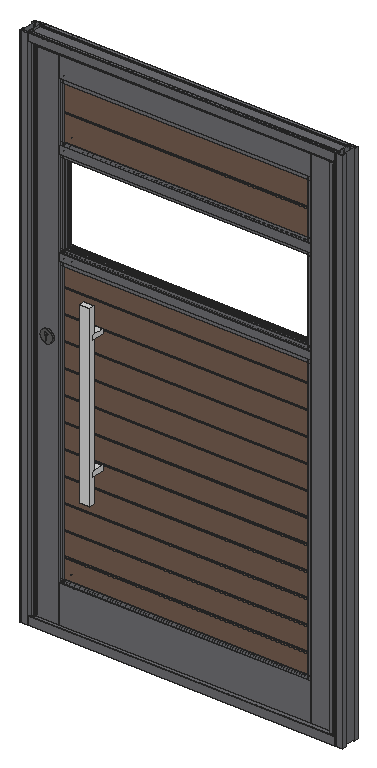
Revit family "Y1321P Y1 CH K RH", category Doors, host Wall, Revit 2024
Family settings
  Host = Wall
  OmniClass Number = 23.30.10.00
  OmniClass Title = Doors
  Always vertical = Yes
  Cut with Voids When Loaded = No
  Shared = No
  Room Calculation Point = No
Parameters
  Function = Interior
  Frame Projection Ext. = 25 mm
  Frame Projection Int. = 25 mm
  Frame Width = 75 mm
  Height = 2120 mm
  Wall Closure = By host
  Width = 1290 mm
  Analytic Construction = "<None>"
Reference planes
  plane 1: y = 0
  plane 2 "Center (Left/Right)": x = 0
  plane 3 "Left": x = -645
  plane 4 "Right": x = 645
  plane 5: z = 2120
  plane 6 "Exterior": y = 75
  plane 7 "Interior": y = -75
Forms (mm)
  Sweep 1, solid, material "ALUMINIUM CHAR (TEST)"
    path origin (0, 75, 0) x (1, 0, 0) y (0, 0, 1)
      loop
        line (-601.2, 30) -> (-601.2, 2075) -> (600, 2075) -> (600, 30)
    profile origin (-0.6, 75, 2075) x (0, 0, 1) y (0, -1, 0)
      loop
        line (15, 55) -> (2.8, 55) -> (2.8, 61.5) -> (0.5, 61.5) -> (0.5, 88.5) -> (2.8, 88.5) -> (2.8, 95) -> (15, 95) -> (15, 97) -> (-0.5, 97)
        arc (-0.5, 97) -> (-1.207, 96.707) -> (-1.5, 96) r 1
        line (-1.5, 96) -> (-1.5, 93.9) -> (-0.5, 93.9) -> (-0.5, 95) -> (1, 95) -> (1, 90.5) -> (-0.5, 90.5) -> (-0.5, 91.631) -> (-1.5, 91.631) -> (-1.5, 58.369) -> (-0.5, 58.369) -> (-0.5, 59.5) -> (1, 59.5) -> (1, 55) -> (-0.5, 55) -> (-0.5, 56.1) -> (-1.5, 56.1) -> (-1.5, 54)
        arc (-1.5, 54) -> (-1.207, 53.293) -> (-0.5, 53) r 1
        line (-0.5, 53) -> (15, 53) -> (15, 55)
  Extrusion 2, solid, material "ALUMINIUM CHAR (TEST)"
    sketch origin (0, 0, 0) x (0, 1, 0) y (0, 0, 1)
      loop
        line (37.5, 2120) -> (22, 2120) -> (22, 2118.5) -> (24.5, 2118.5) -> (24.5, 2115.5) -> (-24.5, 2115.5) -> (-24.5, 2118.5) -> (-22, 2118.5) -> (-22, 2120) -> (-37.5, 2120) -> (-37.5, 2090) -> (-4.189, 2090) -> (7.651, 2090) -> (37.5, 2090) -> (37.5, 2120)
      loop
        line (32.168, 2118.2) -> (30.896, 2116.928) -> (29.5, 2118.324) -> (28, 2116.824) -> (26.3, 2118.524) -> (26.3, 2115.8)
        arc (26.3, 2115.8) -> (25.685, 2114.315) -> (24.2, 2113.7) r 2.1
        line (24.2, 2113.7) -> (-24.2, 2113.7)
        arc (-24.2, 2113.7) -> (-25.685, 2114.315) -> (-26.3, 2115.8) r 2.1
        line (-26.3, 2115.8) -> (-26.3, 2118.524) -> (-28, 2116.824) -> (-29.5, 2118.324) -> (-30.896, 2116.928) -> (-32.168, 2118.2) -> (-35.6, 2118.2) -> (-35.6, 2091.8) -> (-32.168, 2091.8) -> (-30.896, 2093.072) -> (-29.5, 2091.676) -> (-28, 2093.176) -> (-26.624, 2091.8) -> (-19.438, 2091.8) -> (26.624, 2091.8) -> (28, 2093.176) -> (29.5, 2091.676) -> (30.896, 2093.072) -> (32.168, 2091.8) -> (35.6, 2091.8) -> (35.6, 2118.2) -> (32.168, 2118.2)
      loop
        line (37.5, 0) -> (37.5, 30) -> (7.651, 30) -> (-4.189, 30) -> (-37.5, 30) -> (-37.5, 0) -> (-22, 0) -> (-22, 1.5) -> (-24.5, 1.5) -> (-24.5, 4.5) -> (24.5, 4.5) -> (24.5, 1.5) -> (22, 1.5) -> (22, 0) -> (37.5, 0)
      loop
        line (32.168, 1.8) -> (35.6, 1.8) -> (35.6, 28.2) -> (32.168, 28.2) -> (30.896, 26.928) -> (29.5, 28.324) -> (28, 26.824) -> (26.624, 28.2) -> (-19.438, 28.2) -> (-26.624, 28.2) -> (-28, 26.824) -> (-29.5, 28.324) -> (-30.896, 26.928) -> (-32.168, 28.2) -> (-35.6, 28.2) -> (-35.6, 1.8) -> (-32.168, 1.8) -> (-30.896, 3.072) -> (-29.5, 1.676) -> (-28, 3.176) -> (-26.3, 1.476) -> (-26.3, 4.2)
        arc (-26.3, 4.2) -> (-25.685, 5.685) -> (-24.2, 6.3) r 2.1
        line (-24.2, 6.3) -> (24.2, 6.3)
        arc (24.2, 6.3) -> (25.685, 5.685) -> (26.3, 4.2) r 2.1
        line (26.3, 4.2) -> (26.3, 1.476) -> (28, 3.176) -> (29.5, 1.676) -> (30.896, 3.072) -> (32.168, 1.8)
    from -615 to 615
  Extrusion 3, solid, material "ALUMINIUM CHAR (TEST)"
    sketch origin (0, 0, 30) x (1, 0, 0) y (0, 1, 0)
      loop
        arc (598.5, 21) -> (597.5, 22) -> (596.5, 21) r 1
        line (596.5, 21) -> (596.5, -21.179)
        arc (596.5, -21.179) -> (596.26, -21.76) -> (595.679, -22) r 0.821
        line (595.679, -22) -> (584.5, -22)
        arc (584.5, -22) -> (583.5, -23) -> (584.5, -24) r 1
        line (584.5, -24) -> (597.679, -24)
        arc (597.679, -24) -> (598.26, -23.76) -> (598.5, -23.179) r 0.821
        line (598.5, -23.179) -> (598.5, 21)
      loop
        arc (-599.7, -21) -> (-598.7, -22) -> (-597.7, -21) r 1
        line (-597.7, -21) -> (-597.7, 21.179)
        arc (-597.7, 21.179) -> (-597.459, 21.76) -> (-596.879, 22) r 0.821
        line (-596.879, 22) -> (-585.7, 22)
        arc (-585.7, 22) -> (-584.7, 23) -> (-585.7, 24) r 1
        line (-585.7, 24) -> (-598.879, 24)
        arc (-598.879, 24) -> (-599.459, 23.76) -> (-599.7, 23.179) r 0.821
        line (-599.7, 23.179) -> (-599.7, -21)
    from 0 to 2043.5
  Extrusion 4, solid, material "ALUMINIUM CHAR (TEST)"
    sketch origin (0, 0, 0) x (1, 0, 0) y (0, 1, 0)
      loop
        line (-645, 37.5) -> (-645, 22) -> (-643.5, 22) -> (-643.5, 24.5) -> (-640.5, 24.5) -> (-640.5, -24.5) -> (-643.5, -24.5) -> (-643.5, -22) -> (-645, -22) -> (-645, -37.5) -> (-615, -37.5) -> (-615, -17) -> (-615.993, -17) -> (-616.394, -18.496) -> (-617.6, -18.496) -> (-617.6, -0.254) -> (-616.306, -0.254) -> (-616.066, -3) -> (-615, -3) -> (-615, 37.5) -> (-645, 37.5)
      loop
        line (-616.8, 26.624) -> (-618.176, 28) -> (-616.676, 29.5) -> (-618.072, 30.896) -> (-616.8, 32.168) -> (-616.8, 35.6) -> (-643.2, 35.6) -> (-643.2, 32.168) -> (-641.928, 30.896) -> (-643.324, 29.5) -> (-641.824, 28) -> (-643.524, 26.3) -> (-640.8, 26.3)
        arc (-640.8, 26.3) -> (-639.315, 25.685) -> (-638.7, 24.2) r 2.1
        line (-638.7, 24.2) -> (-638.7, -24.2)
        arc (-638.7, -24.2) -> (-639.315, -25.685) -> (-640.8, -26.3) r 2.1
        line (-640.8, -26.3) -> (-643.524, -26.3) -> (-641.824, -28) -> (-643.324, -29.5) -> (-641.928, -30.896) -> (-643.2, -32.168) -> (-643.2, -35.6) -> (-616.8, -35.6) -> (-616.8, -32.168) -> (-618.072, -30.896) -> (-616.676, -29.5) -> (-618.176, -28) -> (-616.8, -26.624) -> (-616.8, -20.239)
        arc (-616.8, -20.239) -> (-618.596, -19.852) -> (-619.4, -18.2) r 2.1
        line (-619.4, -18.2) -> (-619.4, -0.55)
        arc (-619.4, -0.55) -> (-618.596, 1.102) -> (-616.8, 1.49) r 2.1
        line (-616.8, 1.49) -> (-616.8, 26.624)
      loop
        line (645, 37.5) -> (615, 37.5) -> (615, -3) -> (616.066, -3) -> (616.306, -0.254) -> (617.6, -0.254) -> (617.6, -18.496) -> (616.394, -18.496) -> (615.993, -17) -> (615, -17) -> (615, -37.5) -> (645, -37.5) -> (645, -22) -> (643.5, -22) -> (643.5, -24.5) -> (640.5, -24.5) -> (640.5, 24.5) -> (643.5, 24.5) -> (643.5, 22) -> (645, 22) -> (645, 37.5)
      loop
        line (616.8, 26.624) -> (616.8, 1.49)
        arc (616.8, 1.49) -> (618.596, 1.102) -> (619.4, -0.55) r 2.1
        line (619.4, -0.55) -> (619.4, -18.2)
        arc (619.4, -18.2) -> (618.596, -19.852) -> (616.8, -20.239) r 2.1
        line (616.8, -20.239) -> (616.8, -26.624) -> (618.176, -28) -> (616.676, -29.5) -> (618.072, -30.896) -> (616.8, -32.168) -> (616.8, -35.6) -> (643.2, -35.6) -> (643.2, -32.168) -> (641.928, -30.896) -> (643.324, -29.5) -> (641.824, -28) -> (643.524, -26.3) -> (640.8, -26.3)
        arc (640.8, -26.3) -> (639.315, -25.685) -> (638.7, -24.2) r 2.1
        line (638.7, -24.2) -> (638.7, 24.2)
        arc (638.7, 24.2) -> (639.315, 25.685) -> (640.8, 26.3) r 2.1
        line (640.8, 26.3) -> (643.524, 26.3) -> (641.824, 28) -> (643.324, 29.5) -> (641.928, 30.896) -> (643.2, 32.168) -> (643.2, 35.6) -> (616.8, 35.6) -> (616.8, 32.168) -> (618.072, 30.896) -> (616.676, 29.5) -> (618.176, 28) -> (616.8, 26.624)
    from 0 to 2120
  Extrusion 5, solid, material "ALUMINIUM CHAR (TEST)"
    sketch origin (0, 0, -6.5) x (0, 1, 0) y (0, 0, -1)
      loop
        line (20.25, -77.453) -> (19.7, -76.5) -> (19.7, -73.5) -> (20.25, -72.547) -> (20.25, -61.8) -> (-20.25, -61.8) -> (-20.25, -72.547) -> (-19.7, -73.5) -> (-19.7, -76.5) -> (-20.25, -77.453) -> (-20.25, -172.747) -> (-19.7, -173.7) -> (-19.7, -176.7) -> (-20.25, -177.653) -> (-20.25, -188.2) -> (-6.55, -188.2) -> (-6.55, -185.6) -> (15.3, -185.6) -> (15.3, -188.2) -> (20.25, -188.2) -> (20.25, -177.653) -> (19.7, -176.7) -> (19.7, -173.7) -> (20.25, -172.747) -> (20.25, -77.453)
      loop
        line (19.7, -60) -> (-19.7, -60) -> (-19.7, -57) -> (-20.25, -56.047) -> (-20.25, -43.6) -> (-17.1, -43.6) -> (-17.1, -42) -> (-20.2, -42) -> (-20.2, -40) -> (-22, -40) -> (-22, -190) -> (-17, -190) -> (-17, -205) -> (-14, -205) -> (-14, -203.8) -> (-15.6, -203.8) -> (-15.6, -201.3) -> (-15.2, -200.607) -> (-15.2, -190) -> (-2, -190) -> (-2, -188.934) -> (-4.75, -188.693) -> (-4.75, -187.4) -> (13.5, -187.4) -> (13.5, -188.605) -> (12, -189.007) -> (12, -190) -> (22, -190) -> (22, -40) -> (20.2, -40) -> (20.2, -42) -> (17.1, -42) -> (17.1, -43.6) -> (20.25, -43.6) -> (20.25, -56.047) -> (19.7, -57) -> (19.7, -60)
      loop
        line (-22, -2080) -> (-20.2, -2080) -> (-20.2, -2078) -> (-17.1, -2078) -> (-17.1, -2076.4) -> (-20.25, -2076.4) -> (-20.25, -2063.953) -> (-19.7, -2063) -> (-19.7, -2060) -> (19.7, -2060) -> (19.7, -2063) -> (20.25, -2063.953) -> (20.25, -2076.4) -> (17.1, -2076.4) -> (17.1, -2078) -> (20.2, -2078) -> (20.2, -2080) -> (22, -2080) -> (22, -1995) -> (12, -1995) -> (12, -1995.993) -> (13.5, -1996.395) -> (13.5, -1997.6) -> (-4.75, -1997.6) -> (-4.75, -1996.307) -> (-2, -1996.066) -> (-2, -1995) -> (-15.2, -1995) -> (-15.2, -1984.393) -> (-15.6, -1983.7) -> (-15.6, -1981.2) -> (-14, -1981.2) -> (-14, -1980) -> (-17, -1980) -> (-17, -1995) -> (-22, -1995) -> (-22, -2080)
      loop
        line (-20.25, -2042.547) -> (-19.7, -2043.5) -> (-19.7, -2046.5) -> (-20.25, -2047.453) -> (-20.25, -2058.2) -> (20.25, -2058.2) -> (20.25, -2047.453) -> (19.7, -2046.5) -> (19.7, -2043.5) -> (20.25, -2042.547) -> (20.25, -2012.253) -> (19.7, -2011.3) -> (19.7, -2008.3) -> (20.25, -2007.347) -> (20.25, -1996.8) -> (15.3, -1996.8) -> (15.3, -1999.4) -> (-6.55, -1999.4) -> (-6.55, -1996.8) -> (-20.25, -1996.8) -> (-20.25, -2007.347) -> (-19.7, -2008.3) -> (-19.7, -2011.3) -> (-20.25, -2012.253) -> (-20.25, -2042.547)
      loop
        line (-22, -1340) -> (-22, -1370) -> (-17, -1370) -> (-17, -1385) -> (-14, -1385) -> (-14, -1383.8) -> (-15.6, -1383.8) -> (-15.6, -1381.3) -> (-15.2, -1380.607) -> (-15.2, -1370) -> (-2, -1370) -> (-2, -1369.025) -> (-5, -1368.763) -> (-5, -1367.4) -> (13.5, -1367.4) -> (13.5, -1368.894) -> (12, -1369.025) -> (12, -1370) -> (22, -1370) -> (22, -1340) -> (12, -1340) -> (12, -1340.975) -> (13.5, -1341.106) -> (13.5, -1342.6) -> (-5, -1342.6) -> (-5, -1341.237) -> (-2, -1340.975) -> (-2, -1340) -> (-15.2, -1340) -> (-15.2, -1329.1) -> (-15.6, -1328.407) -> (-15.6, -1326.2) -> (-14, -1326.2) -> (-14, -1325) -> (-17, -1325) -> (-17, -1340) -> (-22, -1340)
      loop
        line (-20.2, -1368.2) -> (-6.8, -1368.2) -> (-6.8, -1367)
        arc (-6.8, -1367) -> (-6.39, -1366.01) -> (-5.4, -1365.6) r 1.4
        line (-5.4, -1365.6) -> (13.9, -1365.6)
        arc (13.9, -1365.6) -> (14.89, -1366.01) -> (15.3, -1367) r 1.4
        line (15.3, -1367) -> (15.3, -1368.2) -> (20.2, -1368.2) -> (20.2, -1341.8) -> (15.3, -1341.8) -> (15.3, -1343)
        arc (15.3, -1343) -> (14.89, -1343.99) -> (13.9, -1344.4) r 1.4
        line (13.9, -1344.4) -> (-5.4, -1344.4)
        arc (-5.4, -1344.4) -> (-6.39, -1343.99) -> (-6.8, -1343) r 1.4
        line (-6.8, -1343) -> (-6.8, -1341.8) -> (-16.581, -1341.8) -> (-20.2, -1341.8) -> (-20.2, -1368.2)
      loop
        line (-22, -1725) -> (-22, -1755) -> (-17, -1755) -> (-17, -1770) -> (-14, -1770) -> (-14, -1768.8) -> (-15.6, -1768.8) -> (-15.6, -1766.3) -> (-15.2, -1765.607) -> (-15.2, -1755) -> (-2, -1755) -> (-2, -1754.025) -> (-5, -1753.763) -> (-5, -1752.4) -> (13.5, -1752.4) -> (13.5, -1753.894) -> (12, -1754.025) -> (12, -1755) -> (22, -1755) -> (22, -1725) -> (12, -1725) -> (12, -1725.975) -> (13.5, -1726.106) -> (13.5, -1727.6) -> (-5, -1727.6) -> (-5, -1726.237) -> (-2, -1725.975) -> (-2, -1725) -> (-15.2, -1725) -> (-15.2, -1714.1) -> (-15.6, -1713.407) -> (-15.6, -1711.2) -> (-14, -1711.2) -> (-14, -1710) -> (-17, -1710) -> (-17, -1725) -> (-22, -1725)
      loop
        line (-20.2, -1753.2) -> (-6.8, -1753.2) -> (-6.8, -1752)
        arc (-6.8, -1752) -> (-6.39, -1751.01) -> (-5.4, -1750.6) r 1.4
        line (-5.4, -1750.6) -> (13.9, -1750.6)
        arc (13.9, -1750.6) -> (14.89, -1751.01) -> (15.3, -1752) r 1.4
        line (15.3, -1752) -> (15.3, -1753.2) -> (20.2, -1753.2) -> (20.2, -1726.8) -> (15.3, -1726.8) -> (15.3, -1728)
        arc (15.3, -1728) -> (14.89, -1728.99) -> (13.9, -1729.4) r 1.4
        line (13.9, -1729.4) -> (-5.4, -1729.4)
        arc (-5.4, -1729.4) -> (-6.39, -1728.99) -> (-6.8, -1728) r 1.4
        line (-6.8, -1728) -> (-6.8, -1726.8) -> (-16.581, -1726.8) -> (-20.2, -1726.8) -> (-20.2, -1753.2)
    from -503.5 to 503.5
  Extrusion 6, solid, material "ALUMINIUM CHAR (TEST)"
    sketch origin (0, 0, -6.5) x (-1, 0, 0) y (0, -1, 0)
      loop
        line (503.5, -22) -> (591.7, -22)
        arc (591.7, -22) -> (592.973, -21.473) -> (593.5, -20.2) r 1.8
        line (593.5, -20.2) -> (593.5, -19.4)
        arc (593.5, -19.4) -> (593, -18.9) -> (592.5, -19.4) r 0.5
        line (592.5, -19.4) -> (592.5, -20.4) -> (591, -20.4) -> (591, -12.8) -> (592.5, -12.8) -> (592.5, -13.8)
        arc (592.5, -13.8) -> (593, -14.3) -> (593.5, -13.8) r 0.5
        line (593.5, -13.8) -> (593.5, 13.8)
        arc (593.5, 13.8) -> (593, 14.3) -> (592.5, 13.8) r 0.5
        line (592.5, 13.8) -> (592.5, 12.8) -> (591, 12.8) -> (591, 20.4) -> (592.5, 20.4) -> (592.5, 19.4)
        arc (592.5, 19.4) -> (593, 18.9) -> (593.5, 19.4) r 0.5
        line (593.5, 19.4) -> (593.5, 20.2)
        arc (593.5, 20.2) -> (592.973, 21.473) -> (591.7, 22) r 1.8
        line (591.7, 22) -> (503.5, 22) -> (503.5, 17) -> (488.5, 17) -> (488.5, 14) -> (489.7, 14) -> (489.7, 15.6) -> (492.2, 15.6) -> (492.893, 15.2) -> (503.5, 15.2) -> (503.5, 2) -> (504.475, 2) -> (504.737, 5) -> (506.1, 5) -> (506.1, -6.618) -> (506.1, -13.5) -> (504.606, -13.5) -> (504.475, -12) -> (503.5, -12) -> (503.5, -22)
      loop
        line (589.2, -20.2) -> (589.2, -12.2)
        arc (589.2, -12.2) -> (589.493, -11.493) -> (590.2, -11.2) r 1
        line (590.2, -11.2) -> (591.5, -11.2) -> (591.5, 11.2) -> (590.2, 11.2)
        arc (590.2, 11.2) -> (589.493, 11.493) -> (589.2, 12.2) r 1
        line (589.2, 12.2) -> (589.2, 20.2) -> (505.3, 20.2) -> (505.3, 17.092) -> (505.3, 6.8) -> (506.5, 6.8)
        arc (506.5, 6.8) -> (507.49, 6.39) -> (507.9, 5.4) r 1.4
        line (507.9, 5.4) -> (507.9, -13.9)
        arc (507.9, -13.9) -> (507.49, -14.89) -> (506.5, -15.3) r 1.4
        line (506.5, -15.3) -> (505.3, -15.3) -> (505.3, -20.2) -> (589.2, -20.2)
      loop
        line (-503.5, -22) -> (-503.5, -12) -> (-504.475, -12) -> (-504.606, -13.5) -> (-506.1, -13.5) -> (-506.1, -7.077) -> (-506.1, 5) -> (-504.737, 5) -> (-504.475, 2) -> (-503.5, 2) -> (-503.5, 15.2) -> (-492.893, 15.2) -> (-492.2, 15.6) -> (-489.7, 15.6) -> (-489.7, 14) -> (-488.5, 14) -> (-488.5, 17) -> (-503.5, 17) -> (-503.5, 22) -> (-591.7, 22)
        arc (-591.7, 22) -> (-592.973, 21.473) -> (-593.5, 20.2) r 1.8
        line (-593.5, 20.2) -> (-593.5, 19.4)
        arc (-593.5, 19.4) -> (-593, 18.9) -> (-592.5, 19.4) r 0.5
        line (-592.5, 19.4) -> (-592.5, 20.4) -> (-591, 20.4) -> (-591, 12.8) -> (-592.5, 12.8) -> (-592.5, 13.8)
        arc (-592.5, 13.8) -> (-593, 14.3) -> (-593.5, 13.8) r 0.5
        line (-593.5, 13.8) -> (-593.5, -13.8)
        arc (-593.5, -13.8) -> (-593, -14.3) -> (-592.5, -13.8) r 0.5
        line (-592.5, -13.8) -> (-592.5, -12.8) -> (-591, -12.8) -> (-591, -20.4) -> (-592.5, -20.4) -> (-592.5, -19.4)
        arc (-592.5, -19.4) -> (-593, -18.9) -> (-593.5, -19.4) r 0.5
        line (-593.5, -19.4) -> (-593.5, -20.2)
        arc (-593.5, -20.2) -> (-592.973, -21.473) -> (-591.7, -22) r 1.8
        line (-591.7, -22) -> (-503.5, -22)
      loop
        line (-589.2, -20.2) -> (-505.3, -20.2) -> (-505.3, -15.3) -> (-506.5, -15.3)
        arc (-506.5, -15.3) -> (-507.49, -14.89) -> (-507.9, -13.9) r 1.4
        line (-507.9, -13.9) -> (-507.9, 5.4)
        arc (-507.9, 5.4) -> (-507.49, 6.39) -> (-506.5, 6.8) r 1.4
        line (-506.5, 6.8) -> (-505.3, 6.8) -> (-505.3, 17.092) -> (-505.3, 20.2) -> (-589.2, 20.2) -> (-589.2, 12.2)
        arc (-589.2, 12.2) -> (-589.493, 11.493) -> (-590.2, 11.2) r 1
        line (-590.2, 11.2) -> (-591.5, 11.2) -> (-591.5, -11.2) -> (-590.2, -11.2)
        arc (-590.2, -11.2) -> (-589.493, -11.493) -> (-589.2, -12.2) r 1
        line (-589.2, -12.2) -> (-589.2, -20.2)
    from 40 to 2080
  Sweep 7, solid, material "ALUMINIUM CHAR (TEST)"
    path origin (0, 75, -6.5) x (-1, 0, 0) y (0, 0, -1)
      loop
        line (503.5, -1340) -> (503.5, -190) -> (-503.5, -190) -> (-503.5, -1340) -> (503.5, -1340)
    profile origin (0, 75, 1333.5) x (0, 0, 1) y (0, -1, 0)
      loop
        line (0, 53.6) -> (0, 63) -> (1.1, 63)
        arc (1.1, 63) -> (1.85, 62.492) -> (2.6, 63) r 0.808
        line (2.6, 63) -> (2.6, 79)
        arc (2.6, 79) -> (2.1, 79.5) -> (1.6, 79) r 0.5
        line (1.6, 79) -> (1.6, 75.5) -> (0.6, 75.5) -> (0.6, 65) -> (-1.9, 65) -> (-1.9, 55) -> (-6.3, 55) -> (-6.9, 58) -> (-8.9, 58) -> (-8.9, 57) -> (-7.9, 57) -> (-7.5, 55) -> (-11.8, 55) -> (-11.4, 57) -> (-10.4, 57) -> (-10.4, 58) -> (-12.4, 58) -> (-13, 55) -> (-14.4, 55) -> (-14.4, 57.5)
        arc (-14.4, 57.5) -> (-14.9, 58) -> (-15.4, 57.5) r 0.5
        line (-15.4, 57.5) -> (-15.4, 53.6)
        arc (-15.4, 53.6) -> (-15.224, 53.176) -> (-14.8, 53) r 0.6
        line (-14.8, 53) -> (-0.6, 53)
        arc (-0.6, 53) -> (-0.176, 53.176) -> (0, 53.6) r 0.6
  Extrusion 8, solid, material "KIAAT (TEST 1)"
    sketch origin (0, 114.915, -6.5) x (0, 1, 0) y (0, 0, -1)
      loop
        line (-104.915, -278.5) -> (-104.915, -190) -> (-126.915, -190) -> (-126.915, -278.5) -> (-119.415, -278.5) -> (-119.415, -286.5) -> (-126.915, -286.5) -> (-126.915, -375) -> (-119.415, -375) -> (-119.415, -383) -> (-126.915, -383) -> (-126.915, -471.5) -> (-119.415, -471.5) -> (-119.415, -479.5) -> (-126.915, -479.5) -> (-126.915, -568) -> (-119.415, -568) -> (-119.415, -576) -> (-126.915, -576) -> (-126.915, -664.5) -> (-119.415, -664.5) -> (-119.415, -672.5) -> (-126.915, -672.5) -> (-126.915, -761) -> (-119.415, -761) -> (-119.415, -769) -> (-126.915, -769) -> (-126.915, -857.5) -> (-119.415, -857.5) -> (-119.415, -865.5) -> (-126.915, -865.5) -> (-126.915, -954) -> (-119.415, -954) -> (-119.415, -962) -> (-126.915, -962) -> (-126.915, -1050.5) -> (-119.415, -1050.5) -> (-119.415, -1058.5) -> (-126.915, -1058.5) -> (-126.915, -1147) -> (-119.415, -1147) -> (-119.415, -1155) -> (-126.915, -1155) -> (-126.915, -1243.5) -> (-119.415, -1243.5) -> (-119.415, -1251.5) -> (-126.915, -1251.5) -> (-126.915, -1340) -> (-104.915, -1340) -> (-104.915, -1251.5) -> (-112.415, -1251.5) -> (-112.415, -1243.5) -> (-104.915, -1243.5) -> (-104.915, -1155) -> (-112.415, -1155) -> (-112.415, -1147) -> (-104.915, -1147) -> (-104.915, -1058.5) -> (-112.415, -1058.5) -> (-112.415, -1050.5) -> (-104.915, -1050.5) -> (-104.915, -962) -> (-112.415, -962) -> (-112.415, -954) -> (-104.915, -954) -> (-104.915, -865.5) -> (-112.415, -865.5) -> (-112.415, -857.5) -> (-104.915, -857.5) -> (-104.915, -769) -> (-112.415, -769) -> (-112.415, -761) -> (-104.915, -761) -> (-104.915, -672.5) -> (-112.415, -672.5) -> (-112.415, -664.5) -> (-104.915, -664.5) -> (-104.915, -576) -> (-112.415, -576) -> (-112.415, -568) -> (-104.915, -568) -> (-104.915, -479.5) -> (-112.415, -479.5) -> (-112.415, -471.5) -> (-104.915, -471.5) -> (-104.915, -383) -> (-112.415, -383) -> (-112.415, -375) -> (-104.915, -375) -> (-104.915, -286.5) -> (-112.415, -286.5) -> (-112.415, -278.5) -> (-104.915, -278.5)
    from -503.5 to 503.5
  Sweep 9, solid, material "ALUMINIUM CHAR (TEST)"
    path origin (0.008, 75, 1533.5) x (-1, 0, 0) y (0, 0, -1)
      loop
        line (503.5, -455) -> (503.5, -215) -> (-503.5, -215) -> (-503.5, -455) -> (503.5, -455)
    profile origin (0.008, 75, 1988.5) x (0, 0, 1) y (0, -1, 0)
      loop
        line (0, 53.6) -> (0, 63) -> (1.1, 63)
        arc (1.1, 63) -> (1.85, 62.492) -> (2.6, 63) r 0.808
        line (2.6, 63) -> (2.6, 79)
        arc (2.6, 79) -> (2.1, 79.5) -> (1.6, 79) r 0.5
        line (1.6, 79) -> (1.6, 75.5) -> (0.6, 75.5) -> (0.6, 65) -> (-1.9, 65) -> (-1.9, 55) -> (-6.3, 55) -> (-6.9, 58) -> (-8.9, 58) -> (-8.9, 57) -> (-7.9, 57) -> (-7.5, 55) -> (-11.8, 55) -> (-11.4, 57) -> (-10.4, 57) -> (-10.4, 58) -> (-12.4, 58) -> (-13, 55) -> (-14.4, 55) -> (-14.4, 57.5)
        arc (-14.4, 57.5) -> (-14.9, 58) -> (-15.4, 57.5) r 0.5
        line (-15.4, 57.5) -> (-15.4, 53.6)
        arc (-15.4, 53.6) -> (-15.224, 53.176) -> (-14.8, 53) r 0.6
        line (-14.8, 53) -> (-0.6, 53)
        arc (-0.6, 53) -> (-0.176, 53.176) -> (0, 53.6) r 0.6
  Extrusion 10, solid, material "ALUMINIUM BLACK (TEST)"
    sketch origin (350.722, 27.873, -83.123) x (1, 0, 0) y (0, 0, 1)
      loop
        circle (-896.954, 1135.623) r 25
    from 0 to 5
  Extrusion 11, solid, material "ALUMINIUM BLACK (TEST)"
    sketch origin (350.722, -27.873, -83.123) x (1, 0, 0) y (0, 0, -1)
      loop
        circle (-896.954, -1135.623) r 25
    from 0 to 5
  Extrusion 12, void
    sketch origin (85.5, 67.873, -83.123) x (1, 0, 0) y (0, 0, 1)
      loop
        arc (-634.732, 1122.18) -> (-631.732, 1119.18) -> (-628.732, 1122.18) r 3
        line (-628.732, 1122.18) -> (-628.732, 1136.773)
        arc (-628.732, 1136.773) -> (-631.732, 1150.865) -> (-634.732, 1136.773) r 7.365
        line (-634.732, 1136.773) -> (-634.732, 1122.18)
    from 40 to 45
  Extrusion 13, void
    sketch origin (85.5, -67.873, -83.123) x (1, 0, 0) y (0, 0, -1)
      loop
        line (-634.732, -1122.18) -> (-634.732, -1136.773)
        arc (-634.732, -1136.773) -> (-631.732, -1150.865) -> (-628.732, -1136.773) r 7.365
        line (-628.732, -1136.773) -> (-628.732, -1122.18)
        arc (-628.732, -1122.18) -> (-631.732, -1119.18) -> (-634.732, -1122.18) r 3
    from 40 to 45
  Extrusion 14, solid, material "COOL BRONZE GLASS"
    sketch origin (0, 9.8, -6.5) x (-1, 0, 0) y (0, 0, -1)
      loop
        line (503.5, -1725) -> (503.5, -1355) -> (-503.508, -1355) -> (-503.508, -1725) -> (503.5, -1725)
    from 0 to 6.4
  Extrusion 15, solid, material "KIAAT (TEST 1)"
    sketch origin (0, 114.915, 1533.5) x (0, 1, 0) y (0, 0, -1)
      loop
        line (-104.915, -215) -> (-126.915, -215) -> (-126.915, -331) -> (-119.415, -331) -> (-119.415, -339) -> (-126.915, -339) -> (-126.915, -455) -> (-104.915, -455) -> (-104.915, -339) -> (-112.415, -339) -> (-112.415, -331) -> (-104.915, -331) -> (-104.915, -215)
    from -503.5 to 503.5
  Sweep 16, solid, material "ALUMINIUM CHAR (TEST)"
    path origin (2.956, 75, 1123.5) x (-1, 0, 0) y (0, 0, -1)
      loop
        line (506.456, -595) -> (506.456, -240) -> (-500.544, -240) -> (-500.544, -595) -> (506.456, -595)
    profile origin (0, 75, 1718.5) x (0, 0, 1) y (0, -1, 0)
      loop
        line (0, 53.6) -> (0, 63) -> (1.1, 63)
        arc (1.1, 63) -> (1.85, 62.492) -> (2.6, 63) r 0.808
        line (2.6, 63) -> (2.6, 79)
        arc (2.6, 79) -> (2.1, 79.5) -> (1.6, 79) r 0.5
        line (1.6, 79) -> (1.6, 75.5) -> (0.6, 75.5) -> (0.6, 65) -> (-1.9, 65) -> (-1.9, 55) -> (-6.3, 55) -> (-6.9, 58) -> (-8.9, 58) -> (-8.9, 57) -> (-7.9, 57) -> (-7.5, 55) -> (-11.8, 55) -> (-11.4, 57) -> (-10.4, 57) -> (-10.4, 58) -> (-12.4, 58) -> (-13, 55) -> (-14.4, 55) -> (-14.4, 57.5)
        arc (-14.4, 57.5) -> (-14.9, 58) -> (-15.4, 57.5) r 0.5
        line (-15.4, 57.5) -> (-15.4, 53.6)
        arc (-15.4, 53.6) -> (-15.224, 53.176) -> (-14.8, 53) r 0.6
        line (-14.8, 53) -> (-0.6, 53)
        arc (-0.6, 53) -> (-0.176, 53.176) -> (0, 53.6) r 0.6
  Extrusion 17, solid, material "Stainless Steel Lever Handle"
    sketch origin (503.242, -71.398, 537.892) x (1, 0, 0) y (0, 1, 0)
      loop
        line (-878.538, 126.398) -> (-838.538, 126.398) -> (-838.538, 146.398) -> (-878.538, 146.398) -> (-878.538, 126.398)
    from 0 to 710
  Extrusion 18, solid, material "Stainless Steel Lever Handle"
    sketch origin (503.242, 60, -542.108) x (1, 0, 0) y (0, 0, 1)
      loop
        line (-878.538, 1690) -> (-878.538, 1670) -> (-838.538, 1670) -> (-838.538, 1690) -> (-878.538, 1690)
      loop
        line (-878.538, 1180) -> (-838.538, 1180) -> (-838.538, 1200) -> (-878.538, 1200) -> (-878.538, 1180)
    from 0 to 50
  Extrusion 19, solid, material "Stainless Steel Lever Handle"
    sketch origin (503.242, 69.398, 537.892) x (1, 0, 0) y (0, 1, 0)
      loop
        line (-878.538, -126.398) -> (-878.538, -146.398) -> (-838.538, -146.398) -> (-838.538, -126.398) -> (-878.538, -126.398)
    from 0 to 710
  Extrusion 20, solid, material "Stainless Steel Lever Handle"
    sketch origin (503.242, -62, -542.108) x (1, 0, 0) y (0, 0, -1)
      loop
        line (-878.538, -1690) -> (-838.538, -1690) -> (-838.538, -1670) -> (-878.538, -1670) -> (-878.538, -1690)
      loop
        line (-878.538, -1180) -> (-878.538, -1200) -> (-838.538, -1200) -> (-838.538, -1180) -> (-878.538, -1180)
    from 0 to 50
Cuts and joins
  Extrusion 12 cuts Extrusion 10
  Extrusion 13 cuts Extrusion 11
Lines and regions (mm)
  Opening 1
    outline origin (-5000, -75, 0) x (1, 0, 0) y (0, 0, 1)
      loop
        line (4355, 0) -> (5645, 0) -> (5645, 2120) -> (4355, 2120) -> (4355, 0)
  model lines
    curve 1: line (-602.851, 22.5, 0) -> (602.851, 22.5, 0)
    curve 2: line (-603, -13, 0) -> (603, -13, 0)
    curve 8: line (300, -22.5, 0) -> (300, -925.5, 0)
    curve 9: arc (-603, -22.5, 0) -> (-338.517, -661.017, 0) -> (300, -925.5, 0) r 903
    curve 10: line (300, 13, 0) -> (300, 316, 0)
    curve 11: arc (300, 316, 0) -> (514.253, 227.253, 0) -> (603, 13, 0) r 303
    curve 12: line (603, 22.5, 0) -> (-603, 22.5, 0)
    curve 13: line (300, 0, 0) -> (300, 0, 2078)
  symbolic lines, style "Elevation Swing"
    curve 3: line (-645, -75, 1060) -> (300, -75, 2078)
    curve 4: line (-645, -75, 1060) -> (300, -75, 0)
    curve 5: line (603, -75, 1045) -> (300, -75, 2078)
    curve 6: line (603, -75, 1045) -> (300, -75, 0)
  model lines, style "Elevation Swing"
    curve 7: line (300, 0, 0) -> (300, 0, 2078)
Text (mm)
  text "Exterior" at (-2295.016, 1099.543, 0), in view "Ref. Level"
  text "Exterior" at (0, 1615.38, 3698.081), in view "Left"
  text "Exterior" at (0, 1036.032, 3874.932), in view "Right"
Dimensions and locks
  equal spacing: plane 3 "Left", plane 2 "Center (Left/Right)", plane 4 "Right"
  "Width": plane 3 "Left" to plane 4 "Right"
  "Height": plane 5 to host wall
  host wall to plane 5 = 2120 mm  (x2)
  locked: plane 6 "Exterior" to host wall
  locked: plane 7 "Interior" to host wall
  plane 3 "Left" to plane 4 "Right" = 1290 mm  (x2)
  aligned and locked: plane 1 to host wall
  aligned and locked: Opening 1 sketch curve to level
Automatic sketch dimensions
  curve 13 to level = 0 mm
  curve 7 to level = 0 mm
  plane 5 to curve 7 = 42 mm
  plane 2 "Center (Left/Right)" to curve 7 = 300 mm
  curve 13 to curve 7 = 0 mm  (x2)
  plane 3 "Left" to curve 4 = 0 mm
  curve 4 to level = 0 mm
  plane 2 "Center (Left/Right)" to curve 4 = 300 mm
  plane 5 to curve 5 = 42 mm
  plane 2 "Center (Left/Right)" to curve 5 = 300 mm
  plane 4 "Right" to curve 6 = 42 mm
  level to curve 5 = 1045 mm
  level to curve 4 = 1060 mm
  plane 2 "Center (Left/Right)" to curve 8 = 300 mm
  curve 11 to host wall = 13 mm
  curve 11 to curve 8 = 0 mm
  host wall to curve 9 = 22.5 mm
  host wall to curve 8 = 850.5 mm
  host wall to curve 10 = 241 mm
  curve 1 to plane 3 "Left" = 42.149 mm
  curve 2 to curve 9 = 0 mm
  curve 1 to curve 11 = 0.149 mm
  host wall to curve 2 = 13 mm
  curve 2 to curve 11 = 0 mm
  curve 8 to curve 9 = 0 mm
  curve 10 to curve 11 = 0 mm
  plane 3 "Left" to Opening 1 sketch curve = 0 mm
  plane 4 "Right" to Opening 1 sketch curve = 0 mm
  Opening 1 sketch curve to plane 5 = 0 mm
  Sweep 1 sketch curve to plane 3 "Left" = 43.8 mm
  plane 4 "Right" to Sweep 1 sketch curve = 45 mm
  plane 5 to Sweep 1 sketch curve = 45 mm
  level to Sweep 1 sketch curve = 30 mm  (x2)
  profile plane to Sweep 1 sketch curve = 1.5 mm  (x3)
  profile plane to Sweep 1 sketch curve = 0.5 mm  (x6)
  Sweep 1 sketch curve to profile plane = 0.5 mm
  Sweep 1 sketch curve to profile plane = 1 mm  (x2)
  Sweep 1 sketch curve to Sweep 1 sketch curve = 1.8 mm
  Sweep 1 sketch curve to Sweep 1 sketch curve = 2.3 mm
  Sweep 1 sketch curve to Sweep 1 sketch curve = 12.2 mm  (x2)
  profile plane to Sweep 1 sketch curve = 53 mm
  Sweep 1 sketch curve to Sweep 1 sketch curve = 1 mm  (x3)
  Sweep 1 sketch curve to Sweep 1 sketch curve = 1.1 mm  (x2)
  Sweep 1 sketch curve to Sweep 1 sketch curve = 2.269 mm  (x2)
  Sweep 1 sketch curve to Sweep 1 sketch curve = 1.131 mm  (x2)
  Sweep 1 sketch curve to Sweep 1 sketch curve = 2 mm  (x2)
  Sweep 1 sketch curve to Sweep 1 sketch curve = 27 mm
  Sweep 1 sketch curve to Sweep 1 sketch curve = 6.5 mm
  Extrusion 2 sketch curve to level = 0 mm  (x2)
  plane 5 to Extrusion 2 sketch curve = 0 mm  (x2)
  host wall to Extrusion 2 sketch curve = 37.5 mm  (x2)
  Extrusion 2 sketch curve to Extrusion 2 sketch curve = 1.9 mm  (x4)
  Extrusion 2 sketch curve to Extrusion 2 sketch curve = 3.432 mm  (x6)
  plane 5 to Extrusion 2 sketch curve = 3.072 mm  (x2)
  Extrusion 2 sketch curve to Extrusion 2 sketch curve = 1.272 mm  (x12)
  level to Extrusion 2 sketch curve = 3.072 mm  (x2)
  Extrusion 2 sketch curve to Extrusion 2 sketch curve = 1.396 mm  (x8)
  plane 5 to Extrusion 2 sketch curve = 1.676 mm  (x2)
  level to Extrusion 2 sketch curve = 1.676 mm  (x2)
  plane 5 to Extrusion 2 sketch curve = 3.176 mm  (x2)
  Extrusion 2 sketch curve to Extrusion 2 sketch curve = 1.5 mm  (x6)
  level to Extrusion 2 sketch curve = 3.176 mm  (x2)
  Extrusion 2 sketch curve to Extrusion 2 sketch curve = 1.376 mm  (x4)
  Extrusion 2 sketch curve to Extrusion 2 sketch curve = 1.7 mm  (x4)
  Extrusion 2 sketch curve to Extrusion 2 sketch curve = 1.8 mm  (x5)
  Extrusion 2 sketch curve to Extrusion 2 sketch curve = 0.3 mm  (x6)
  Extrusion 2 sketch curve to Extrusion 2 sketch curve = 2.5 mm  (x2)
  Extrusion 2 sketch curve to Extrusion 2 sketch curve = 7.186 mm  (x2)
  host wall to Extrusion 2 sketch curve = 4.189 mm  (x2)
  Extrusion 2 sketch curve to host wall = 7.651 mm  (x2)
  level to Extrusion 2 sketch curve = 1.5 mm  (x2)
  Extrusion 2 sketch curve to host wall = 22 mm  (x2)
  Extrusion 2 sketch curve to Extrusion 2 sketch curve = 2.2 mm  (x2)
  plane 5 to Extrusion 2 sketch curve = 1.476 mm
  level to Extrusion 2 sketch curve = 1.476 mm
  Extrusion 2 sketch curve to Extrusion 2 sketch curve = 18.973 mm  (x2)
  Extrusion 2 sketch curve to Extrusion 2 sketch curve = 1.024 mm
  Extrusion 2 sketch curve to Extrusion 2 sketch curve = 20.524 mm  (x2)
  Extrusion 2 sketch curve to Extrusion 2 sketch curve = 0.104 mm  (x2)
  Extrusion 2 sketch curve to Extrusion 2 sketch curve = 26.928 mm
  Extrusion 2 sketch curve to Extrusion 2 sketch curve = 1.676 mm  (x2)
  Extrusion 2 sketch curve to Extrusion 2 sketch curve = 0.124 mm  (x2)
  Extrusion 2 sketch curve to Extrusion 2 sketch curve = 3.124 mm
  plane 5 to Extrusion 2 sketch curve = 1.5 mm  (x2)
  Extrusion 3 sketch curve to plane 3 "Left" = 45.3 mm
  Extrusion 3 sketch curve to Extrusion 3 sketch curve = 0.821 mm  (x4)
  Extrusion 3 sketch curve to Extrusion 3 sketch curve = 1 mm  (x4)
  Extrusion 3 sketch curve to Extrusion 3 sketch curve = 11.179 mm  (x2)
  host wall to Extrusion 3 sketch curve = 24 mm
  plane 4 "Right" to Extrusion 3 sketch curve = 60.5 mm
  host wall to Extrusion 3 sketch curve = 21 mm
  Extrusion 3 sketch curve to host wall = 21 mm
  Extrusion 3 sketch curve to host wall = 21.179 mm
  Extrusion 4 sketch curve to plane 3 "Left" = 0 mm  (x2)
  Extrusion 4 sketch curve to plane 4 "Right" = 0 mm  (x2)
  Extrusion 4 sketch curve to plane 3 "Left" = 1.476 mm  (x2)
  Extrusion 4 sketch curve to plane 3 "Left" = 1.5 mm  (x2)
  Extrusion 4 sketch curve to plane 3 "Left" = 1.676 mm  (x2)
  Extrusion 4 sketch curve to plane 3 "Left" = 1.8 mm  (x2)
  Extrusion 4 sketch curve to Extrusion 4 sketch curve = 1.272 mm  (x12)
  Extrusion 4 sketch curve to Extrusion 4 sketch curve = 1.5 mm  (x4)
  Extrusion 4 sketch curve to Extrusion 4 sketch curve = 1.024 mm  (x4)
  Extrusion 4 sketch curve to Extrusion 4 sketch curve = 0.3 mm  (x8)
  Extrusion 4 sketch curve to Extrusion 4 sketch curve = 1.8 mm  (x8)
  host wall to Extrusion 4 sketch curve = 0.55 mm  (x2)
  Extrusion 4 sketch curve to plane 3 "Left" = 25.6 mm
  Extrusion 4 sketch curve to Extrusion 4 sketch curve = 20.524 mm
  Extrusion 4 sketch curve to Extrusion 4 sketch curve = 1.224 mm
  Extrusion 4 sketch curve to Extrusion 4 sketch curve = 0.104 mm  (x4)
  Extrusion 4 sketch curve to Extrusion 4 sketch curve = 1.376 mm  (x8)
  Extrusion 4 sketch curve to Extrusion 4 sketch curve = 1.396 mm  (x6)
  Extrusion 4 sketch curve to Extrusion 4 sketch curve = 0.906 mm  (x2)
  host wall to Extrusion 4 sketch curve = 0.254 mm  (x2)
  Extrusion 4 sketch curve to Extrusion 4 sketch curve = 0.994 mm  (x2)
  Extrusion 4 sketch curve to Extrusion 4 sketch curve = 1.234 mm
  Extrusion 4 sketch curve to Extrusion 4 sketch curve = 0.401 mm  (x2)
  plane 4 "Right" to Extrusion 4 sketch curve = 30 mm
  Extrusion 4 sketch curve to Extrusion 4 sketch curve = 0 mm
  Extrusion 4 sketch curve to Extrusion 4 sketch curve = 0.993 mm
  Extrusion 4 sketch curve to Extrusion 4 sketch curve = 1.066 mm
  Extrusion 4 sketch curve to Extrusion 4 sketch curve = 0.24 mm
  Extrusion 4 sketch curve to Extrusion 4 sketch curve = 1.676 mm  (x2)
  Extrusion 4 sketch curve to Extrusion 4 sketch curve = 0.124 mm  (x4)
  plane 4 "Right" to Extrusion 4 sketch curve = 6.3 mm
  plane 4 "Right" to Extrusion 4 sketch curve = 1.676 mm  (x2)
  plane 4 "Right" to Extrusion 4 sketch curve = 1.5 mm  (x2)
  plane 4 "Right" to Extrusion 4 sketch curve = 1.476 mm  (x2)
  Extrusion 4 sketch curve to Extrusion 4 sketch curve = 2.45 mm  (x2)
  Extrusion 4 sketch curve to Extrusion 4 sketch curve = 14 mm  (x2)
  Extrusion 4 sketch curve to Extrusion 4 sketch curve = 1.2 mm  (x2)
  Extrusion 4 sketch curve to Extrusion 4 sketch curve = 0.296 mm  (x2)
  host wall to Extrusion 4 sketch curve = 22 mm  (x2)
  Extrusion 4 sketch curve to Extrusion 4 sketch curve = 2.2 mm  (x4)
  Extrusion 4 sketch curve to Extrusion 4 sketch curve = 6.385 mm  (x2)
  Extrusion 4 sketch curve to Extrusion 4 sketch curve = 1.7 mm  (x4)
  Extrusion 4 sketch curve to Extrusion 4 sketch curve = 3.432 mm  (x4)
  Extrusion 4 sketch curve to Extrusion 4 sketch curve = 1.9 mm  (x4)
  Extrusion 4 sketch curve to host wall = 22 mm  (x2)
  Extrusion 4 sketch curve to Extrusion 4 sketch curve = 2.424 mm  (x2)
  curve 12 to plane 3 "Left" = 42 mm
  curve 12 to host wall = 22.5 mm
  plane 4 "Right" to curve 12 = 42 mm
  host wall to Extrusion 5 sketch curve = 22 mm  (x4)
  host wall to Extrusion 5 sketch curve = 20.25 mm
  Extrusion 5 sketch curve to Extrusion 5 sketch curve = 0 mm  (x15)
  Extrusion 5 sketch curve to Extrusion 5 sketch curve = 1.75 mm  (x3)
  Extrusion 5 sketch curve to Extrusion 5 sketch curve = 1.8 mm  (x26)
  Extrusion 5 sketch curve to Extrusion 5 sketch curve = 0.55 mm  (x12)
  Extrusion 5 sketch curve to Extrusion 5 sketch curve = 3.15 mm
  Extrusion 5 sketch curve to Extrusion 5 sketch curve = 3.1 mm  (x3)
  Extrusion 5 sketch curve to Extrusion 5 sketch curve = 3.25 mm  (x2)
  Extrusion 5 sketch curve to Extrusion 5 sketch curve = 5 mm  (x4)
  Extrusion 5 sketch curve to Extrusion 5 sketch curve = 0.419 mm  (x2)
  Extrusion 5 sketch curve to Extrusion 5 sketch curve = 1.4 mm  (x14)
  Extrusion 5 sketch curve to Extrusion 5 sketch curve = 0.4 mm  (x14)
  Extrusion 5 sketch curve to Extrusion 5 sketch curve = 1.6 mm  (x10)
  host wall to Extrusion 5 sketch curve = 6.8 mm  (x4)
  host wall to Extrusion 5 sketch curve = 6.55 mm  (x2)
  host wall to Extrusion 5 sketch curve = 2 mm  (x6)
  Extrusion 5 sketch curve to host wall = 12 mm  (x6)
  Extrusion 5 sketch curve to Extrusion 5 sketch curve = 1.5 mm  (x6)
  Extrusion 5 sketch curve to host wall = 17.1 mm  (x2)
  Extrusion 5 sketch curve to host wall = 19.7 mm  (x2)
  Extrusion 5 sketch curve to Extrusion 5 sketch curve = 2.6 mm  (x2)
  Extrusion 5 sketch curve to Extrusion 5 sketch curve = 4.4 mm  (x2)
  Extrusion 5 sketch curve to Extrusion 5 sketch curve = 4.9 mm  (x2)
  Extrusion 5 sketch curve to Extrusion 5 sketch curve = 0.05 mm  (x2)
  plane 5 to Extrusion 5 sketch curve = 46.5 mm
  Extrusion 5 sketch curve to Extrusion 5 sketch curve = 2 mm  (x4)
  Extrusion 5 sketch curve to Extrusion 5 sketch curve = 12.447 mm  (x4)
  Extrusion 5 sketch curve to Extrusion 5 sketch curve = 0.953 mm  (x20)
  Extrusion 5 sketch curve to Extrusion 5 sketch curve = 3 mm  (x11)
  Extrusion 5 sketch curve to Extrusion 5 sketch curve = 10.747 mm  (x3)
  Extrusion 5 sketch curve to Extrusion 5 sketch curve = 30.295 mm  (x2)
  Extrusion 5 sketch curve to Extrusion 5 sketch curve = 7.947 mm  (x2)
  Extrusion 5 sketch curve to Extrusion 5 sketch curve = 10.547 mm  (x2)
  Extrusion 5 sketch curve to Extrusion 5 sketch curve = 1.205 mm
  Extrusion 5 sketch curve to Extrusion 5 sketch curve = 1.293 mm  (x2)
  Extrusion 5 sketch curve to Extrusion 5 sketch curve = 0.241 mm  (x2)
  Extrusion 5 sketch curve to Extrusion 5 sketch curve = 0.402 mm  (x2)
  Extrusion 5 sketch curve to Extrusion 5 sketch curve = 10.607 mm  (x4)
  Extrusion 5 sketch curve to Extrusion 5 sketch curve = 0.693 mm  (x6)
  Extrusion 5 sketch curve to Extrusion 5 sketch curve = 2.5 mm  (x4)
  Extrusion 5 sketch curve to Extrusion 5 sketch curve = 1.2 mm  (x10)
  Extrusion 5 sketch curve to Extrusion 5 sketch curve = 210 mm
  Extrusion 5 sketch curve to Extrusion 5 sketch curve = 13.8 mm
  Extrusion 5 sketch curve to Extrusion 5 sketch curve = 0.975 mm  (x7)
  Extrusion 5 sketch curve to Extrusion 5 sketch curve = 0.131 mm  (x4)
  Extrusion 5 sketch curve to Extrusion 5 sketch curve = 0.262 mm  (x4)
  Extrusion 5 sketch curve to Extrusion 5 sketch curve = 0.694 mm  (x2)
  Extrusion 5 sketch curve to Extrusion 5 sketch curve = 1.494 mm  (x4)
  Extrusion 5 sketch curve to Extrusion 5 sketch curve = 21.2 mm  (x2)
  Extrusion 5 sketch curve to Extrusion 5 sketch curve = 1.363 mm  (x2)
  Extrusion 5 sketch curve to Extrusion 5 sketch curve = 10.9 mm  (x2)
  Extrusion 5 sketch curve to Extrusion 5 sketch curve = 2.207 mm  (x2)
  Extrusion 5 sketch curve to Extrusion 5 sketch curve = 325 mm
  level to Extrusion 5 sketch curve = 198.5 mm
  Extrusion 5 sketch curve to Extrusion 5 sketch curve = 0.993 mm
  Extrusion 5 sketch curve to Extrusion 5 sketch curve = 1.066 mm
  Extrusion 5 sketch curve to Extrusion 5 sketch curve = 0.493 mm
  level to Extrusion 5 sketch curve = 70.953 mm
  plane 4 "Right" to Extrusion 6 sketch curve = 51.5 mm
  Extrusion 6 sketch curve to Extrusion 6 sketch curve = 0 mm  (x6)
  Extrusion 6 sketch curve to Extrusion 6 sketch curve = 0.5 mm  (x7)
  Extrusion 6 sketch curve to Extrusion 6 sketch curve = 0.8 mm  (x10)
  Extrusion 6 sketch curve to Extrusion 6 sketch curve = 1 mm  (x7)
  Extrusion 6 sketch curve to Extrusion 6 sketch curve = 0.7 mm  (x3)
  Extrusion 6 sketch curve to Extrusion 6 sketch curve = 1.5 mm  (x4)
  Extrusion 6 sketch curve to Extrusion 6 sketch curve = 1.3 mm  (x2)
  Extrusion 6 sketch curve to Extrusion 6 sketch curve = 1.8 mm  (x8)
  host wall to Extrusion 6 sketch curve = 5.4 mm
  Extrusion 6 sketch curve to Extrusion 6 sketch curve = 81.3 mm
  Extrusion 6 sketch curve to Extrusion 6 sketch curve = 1.4 mm  (x4)
  Extrusion 6 sketch curve to Extrusion 6 sketch curve = 0.4 mm  (x6)
  Extrusion 6 sketch curve to Extrusion 6 sketch curve = 1.2 mm  (x6)
  host wall to Extrusion 6 sketch curve = 5 mm  (x2)
  Extrusion 6 sketch curve to Extrusion 6 sketch curve = 1.363 mm  (x2)
  Extrusion 6 sketch curve to Extrusion 6 sketch curve = 1.494 mm
  Extrusion 6 sketch curve to Extrusion 6 sketch curve = 0.262 mm  (x2)
  Extrusion 6 sketch curve to Extrusion 6 sketch curve = 0.131 mm  (x2)
  Extrusion 6 sketch curve to Extrusion 6 sketch curve = 10.607 mm  (x2)
  Extrusion 6 sketch curve to Extrusion 6 sketch curve = 0.693 mm  (x2)
  Extrusion 6 sketch curve to Extrusion 6 sketch curve = 2.5 mm  (x2)
  host wall to Extrusion 6 sketch curve = 14 mm  (x2)
  Extrusion 6 sketch curve to plane 3 "Left" = 156.5 mm
  host wall to Extrusion 6 sketch curve = 15.2 mm
  host wall to Extrusion 6 sketch curve = 2 mm  (x2)
  Extrusion 6 sketch curve to Extrusion 6 sketch curve = 0.975 mm  (x2)
  Extrusion 6 sketch curve to host wall = 12 mm
  Extrusion 6 sketch curve to host wall = 13.5 mm  (x2)
  Extrusion 6 sketch curve to Extrusion 6 sketch curve = 0.563 mm
  Extrusion 6 sketch curve to Extrusion 6 sketch curve = 0.694 mm
  host wall to Extrusion 6 sketch curve = 12.2 mm
  Extrusion 6 sketch curve to plane 3 "Left" = 55.8 mm
  Extrusion 6 sketch curve to host wall = 12.2 mm
  Extrusion 6 sketch curve to Extrusion 6 sketch curve = 2.6 mm
  Extrusion 6 sketch curve to host wall = 13.8 mm
  Extrusion 6 sketch curve to Extrusion 6 sketch curve = 5.6 mm  (x4)
  Extrusion 6 sketch curve to Extrusion 6 sketch curve = 4.9 mm
  Extrusion 6 sketch curve to Extrusion 6 sketch curve = 0.2 mm  (x4)
  Extrusion 6 sketch curve to Extrusion 6 sketch curve = 0.6 mm  (x3)
  Extrusion 6 sketch curve to Extrusion 6 sketch curve = 4.923 mm
  Extrusion 6 sketch curve to Extrusion 6 sketch curve = 5.382 mm
  host wall to Extrusion 6 sketch curve = 11.2 mm
  Extrusion 6 sketch curve to Extrusion 6 sketch curve = 1.6 mm
  Extrusion 6 sketch curve to Extrusion 6 sketch curve = 0.092 mm  (x2)
  Extrusion 6 sketch curve to Extrusion 6 sketch curve = 3.108 mm
  plane 4 "Right" to Sweep 7 sketch curve = 141.5 mm
  Sweep 7 sketch curve to plane 3 "Left" = 141.5 mm
  plane 5 to Sweep 7 sketch curve = 786.5 mm
  level to Sweep 7 sketch curve = 183.5 mm
  profile plane to Sweep 7 sketch curve = 0 mm
  Sweep 7 sketch curve to Sweep 7 sketch curve = 0.6 mm  (x2)
  profile plane to Sweep 7 sketch curve = 1.9 mm
  Sweep 7 sketch curve to Sweep 7 sketch curve = 4.4 mm
  Sweep 7 sketch curve to Sweep 7 sketch curve = 1.2 mm  (x2)
  Sweep 7 sketch curve to Sweep 7 sketch curve = 1 mm  (x6)
  Sweep 7 sketch curve to Sweep 7 sketch curve = 1.5 mm
  Sweep 7 sketch curve to Sweep 7 sketch curve = 0.4 mm  (x2)
  Sweep 7 sketch curve to Sweep 7 sketch curve = 2 mm  (x4)
  Sweep 7 sketch curve to Sweep 7 sketch curve = 0.5 mm  (x2)
  Sweep 7 sketch curve to profile plane = 0.6 mm
  Sweep 7 sketch curve to Sweep 7 sketch curve = 1.1 mm
  Sweep 7 sketch curve to profile plane = 1.6 mm
  Sweep 7 sketch curve to Sweep 7 sketch curve = 0.75 mm
  profile plane to Sweep 7 sketch curve = 53 mm
  Sweep 7 sketch curve to Sweep 7 sketch curve = 1.4 mm
  Sweep 7 sketch curve to Sweep 7 sketch curve = 0 mm  (x2)
  Sweep 7 sketch curve to Sweep 7 sketch curve = 2.5 mm
  Sweep 7 sketch curve to Sweep 7 sketch curve = 8 mm
  Sweep 7 sketch curve to Sweep 7 sketch curve = 0.3 mm
  Sweep 7 sketch curve to Sweep 7 sketch curve = 10.5 mm
  Sweep 7 sketch curve to Sweep 7 sketch curve = 3.5 mm
  host wall to Extrusion 8 sketch curve = 12 mm  (x3)
  Extrusion 8 sketch curve to Extrusion 8 sketch curve = 0 mm  (x28)
  host wall to Extrusion 8 sketch curve = 4.5 mm  (x11)
  Extrusion 8 sketch curve to host wall = 2.5 mm  (x11)
  Extrusion 8 sketch curve to Extrusion 8 sketch curve = 7.5 mm  (x12)
  plane 5 to Extrusion 8 sketch curve = 786.5 mm
  Extrusion 8 sketch curve to Extrusion 8 sketch curve = 88.5 mm  (x12)
  Extrusion 8 sketch curve to Extrusion 8 sketch curve = 8 mm  (x14)
  plane 4 "Right" to Sweep 9 sketch curve = 141.492 mm
  Sweep 9 sketch curve to plane 3 "Left" = 141.508 mm
  plane 5 to Sweep 9 sketch curve = 131.5 mm
  Sweep 9 sketch curve to Sweep 9 sketch curve = 240 mm
  profile plane to Sweep 9 sketch curve = 0 mm
  Sweep 9 sketch curve to Sweep 9 sketch curve = 0.6 mm  (x2)
  profile plane to Sweep 9 sketch curve = 1.9 mm
  Sweep 9 sketch curve to Sweep 9 sketch curve = 4.4 mm
  Sweep 9 sketch curve to Sweep 9 sketch curve = 1.2 mm  (x2)
  Sweep 9 sketch curve to Sweep 9 sketch curve = 1 mm  (x6)
  Sweep 9 sketch curve to Sweep 9 sketch curve = 1.5 mm
  Sweep 9 sketch curve to Sweep 9 sketch curve = 0.4 mm  (x2)
  Sweep 9 sketch curve to Sweep 9 sketch curve = 2 mm  (x4)
  Sweep 9 sketch curve to Sweep 9 sketch curve = 0.5 mm  (x2)
  Sweep 9 sketch curve to profile plane = 0.6 mm
  Sweep 9 sketch curve to Sweep 9 sketch curve = 1.1 mm
  Sweep 9 sketch curve to profile plane = 1.6 mm
  Sweep 9 sketch curve to Sweep 9 sketch curve = 0.75 mm
  profile plane to Sweep 9 sketch curve = 53 mm
  Sweep 9 sketch curve to Sweep 9 sketch curve = 1.4 mm
  Sweep 9 sketch curve to Sweep 9 sketch curve = 0 mm  (x2)
  Sweep 9 sketch curve to Sweep 9 sketch curve = 2.5 mm
  Sweep 9 sketch curve to Sweep 9 sketch curve = 8 mm
  Sweep 9 sketch curve to Sweep 9 sketch curve = 0.3 mm
  Sweep 9 sketch curve to Sweep 9 sketch curve = 10.5 mm
  Sweep 9 sketch curve to Sweep 9 sketch curve = 3.5 mm
  Extrusion 10 sketch curve to plane 3 "Left" = 98.768 mm
  level to Extrusion 10 sketch curve = 1052.5 mm
  Extrusion 11 sketch curve to plane 3 "Left" = 98.768 mm
  level to Extrusion 11 sketch curve = 1052.5 mm
  Extrusion 12 sketch curve to plane 3 "Left" = 95.768 mm
  Extrusion 12 sketch curve to Extrusion 12 sketch curve = 3 mm  (x2)
  level to Extrusion 12 sketch curve = 1039.058 mm
  Extrusion 12 sketch curve to Extrusion 12 sketch curve = 14.593 mm
  Extrusion 12 sketch curve to Extrusion 12 sketch curve = 6.726 mm
  Extrusion 13 sketch curve to plane 3 "Left" = 95.768 mm
  Extrusion 13 sketch curve to Extrusion 13 sketch curve = 3 mm  (x2)
  plane 5 to Extrusion 13 sketch curve = 1059.623 mm
  Extrusion 13 sketch curve to Extrusion 13 sketch curve = 6.726 mm
  Extrusion 13 sketch curve to Extrusion 13 sketch curve = 14.593 mm
  plane 4 "Right" to Extrusion 14 sketch curve = 141.492 mm
  Extrusion 14 sketch curve to plane 3 "Left" = 141.5 mm
  plane 5 to Extrusion 14 sketch curve = 401.5 mm
  Extrusion 14 sketch curve to Extrusion 14 sketch curve = 370 mm
  host wall to Extrusion 15 sketch curve = 12 mm
  Extrusion 15 sketch curve to Extrusion 15 sketch curve = 0 mm  (x3)
  host wall to Extrusion 15 sketch curve = 4.5 mm
  Extrusion 15 sketch curve to host wall = 2.5 mm
  Extrusion 15 sketch curve to Extrusion 15 sketch curve = 7.5 mm
  Extrusion 15 sketch curve to host wall = 10 mm
  plane 5 to Extrusion 15 sketch curve = 131.5 mm
  Extrusion 15 sketch curve to Extrusion 15 sketch curve = 116 mm  (x2)
  Extrusion 15 sketch curve to Extrusion 15 sketch curve = 8 mm
  plane 4 "Right" to Sweep 16 sketch curve = 141.5 mm
  Sweep 16 sketch curve to plane 3 "Left" = 141.5 mm
  plane 5 to Sweep 16 sketch curve = 401.5 mm
  Sweep 16 sketch curve to Sweep 16 sketch curve = 355 mm
  profile plane to Sweep 16 sketch curve = 0 mm
  Sweep 16 sketch curve to Sweep 16 sketch curve = 0.6 mm  (x2)
  profile plane to Sweep 16 sketch curve = 1.9 mm
  Sweep 16 sketch curve to Sweep 16 sketch curve = 4.4 mm
  Sweep 16 sketch curve to Sweep 16 sketch curve = 1.2 mm  (x2)
  Sweep 16 sketch curve to Sweep 16 sketch curve = 1 mm  (x6)
  Sweep 16 sketch curve to Sweep 16 sketch curve = 1.5 mm
  Sweep 16 sketch curve to Sweep 16 sketch curve = 0.4 mm  (x2)
  Sweep 16 sketch curve to Sweep 16 sketch curve = 2 mm  (x4)
  Sweep 16 sketch curve to Sweep 16 sketch curve = 0.5 mm  (x2)
  Sweep 16 sketch curve to profile plane = 0.6 mm
  Sweep 16 sketch curve to Sweep 16 sketch curve = 1.1 mm
  Sweep 16 sketch curve to profile plane = 1.6 mm
  Sweep 16 sketch curve to Sweep 16 sketch curve = 0.75 mm
  profile plane to Sweep 16 sketch curve = 53 mm
  Sweep 16 sketch curve to Sweep 16 sketch curve = 1.4 mm
  Sweep 16 sketch curve to Sweep 16 sketch curve = 0 mm  (x2)
  Sweep 16 sketch curve to Sweep 16 sketch curve = 2.5 mm
  Sweep 16 sketch curve to Sweep 16 sketch curve = 8 mm
  Sweep 16 sketch curve to Sweep 16 sketch curve = 0.3 mm
  Sweep 16 sketch curve to Sweep 16 sketch curve = 10.5 mm
  Sweep 16 sketch curve to Sweep 16 sketch curve = 3.5 mm
  Extrusion 17 sketch curve to host wall = 0 mm
  Extrusion 17 sketch curve to host wall = 20 mm
  Extrusion 17 sketch curve to plane 3 "Left" = 269.704 mm
  Extrusion 17 sketch curve to Extrusion 17 sketch curve = 40 mm
  Extrusion 18 sketch curve to plane 3 "Left" = 269.704 mm  (x2)
  Extrusion 18 sketch curve to Extrusion 18 sketch curve = 40 mm  (x2)
  level to Extrusion 18 sketch curve = 637.892 mm
  Extrusion 18 sketch curve to Extrusion 18 sketch curve = 20 mm  (x2)
  Extrusion 18 sketch curve to Extrusion 18 sketch curve = 470 mm
  Extrusion 19 sketch curve to host wall = 18 mm
  Extrusion 19 sketch curve to plane 3 "Left" = 269.704 mm
  host wall to Extrusion 19 sketch curve = 2 mm
  Extrusion 19 sketch curve to Extrusion 19 sketch curve = 40 mm
  Extrusion 20 sketch curve to plane 3 "Left" = 269.704 mm  (x2)
  Extrusion 20 sketch curve to Extrusion 20 sketch curve = 40 mm  (x2)
  plane 5 to Extrusion 20 sketch curve = 972.108 mm
  Extrusion 20 sketch curve to Extrusion 20 sketch curve = 20 mm  (x2)
  Extrusion 20 sketch curve to Extrusion 20 sketch curve = 470 mm
  radius of Extrusion 10 sketch curve = 25 mm
  radius of Extrusion 11 sketch curve = 25 mm
